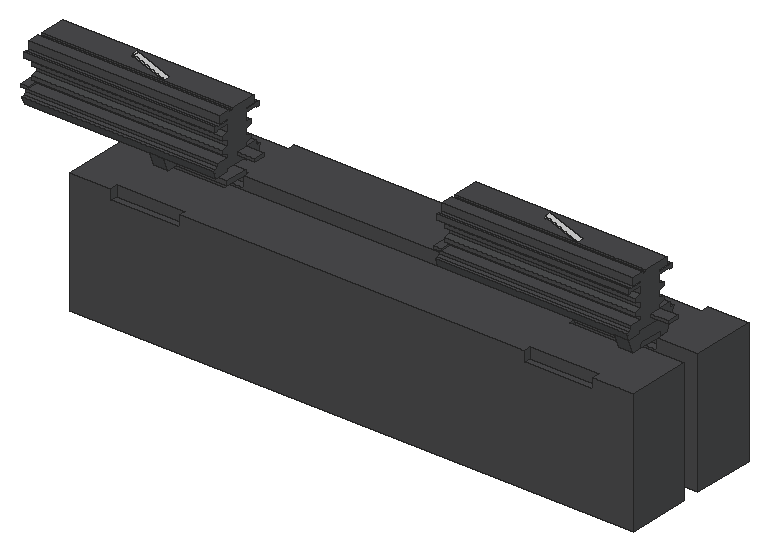
Revit family "DOT DOUBLE HEAD RAIL 328_DTM30U3.1_W3.1_N3.1", category Luminarias, Revit 2019
Family settings
  Cota de conector redondo = Diámetro de uso
  Tipo de pieza = Normal
  Se basa en plano de trabajo = Sí
  Siempre vertical = Sí
  Corte con vacíos al cargar = No
  Origen de luz = Sí
  Compartido = No
  Punto de cálculo de habitación = No
Parameters (values of type "DOT DOUBLE HEAD RAIL 328_DTM30U3.1.24")
  Ángulo de inclinación = 60.00°
  Ángulo de enfoque = 24.00°
  Ángulo de campo de foco = 24.00°
  Zone [instance] = ""
  Watt per fixture = 30
  Wattage = 30 W
  built-in parameter 1150107 = 2700 (stored number, unit not read)
  built-in parameter 1150110 = 1 (stored number, unit not read)
  built-in parameter 1150109 = 1 (stored number, unit not read)
  built-in parameter 1150112 = 1 (stored number, unit not read)
  built-in parameter 1150113 = 1 (stored number, unit not read)
  built-in parameter 1114218 = 1 (stored number, unit not read)
  Keynote = ""
  built-in parameter 1150137 = (empty or 0)
  built-in parameter 1150132 = (empty or 0)
  Modelo = "DTM30U3.1.24"
  Lámpara = "3030SMD PHILIPS"
  Light Source Symbol Length = 3048 mm
  built-in parameter 1150105 = 48402.5 (stored number, unit not read)
  built-in parameter 1150102 = (empty or 0)
  built-in parameter 1150106 = 484.03 (stored number, unit not read)
  Lumens = 4800 lm
  Color Filter = 16777215
  built-in parameter 1114217 = 1 (stored number, unit not read)
  built-in parameter 1150139 = (empty or 0)
  Fabricante = "BRILLANT"
  Default Elevation = 1219.2 mm
  built-in parameter 1150104 = 14.864 (stored number, unit not read)
  Descripción = "LUMINARIA DE DOBLE CABEZAL TIPO DOWNLIGHT EN FORMATO RECTANGULAR COMPATIBLE CON RIEL DE 6 ENTRADAS Y 3 CIRCUITOS CON CABEZAL PARA PODER DIRIGIR LA LUMINARIA HASTA 90 GRADOS, CUERPO DE ALUMINIO ACABADO EN COLOR NEGRO, IP 20, PESO 1.64Kg, TIPO DE LED 3030SMD PHILIPS CON 30W TOTAL, 2400 LUMENES, 160LM/W, IRC 90, TEMPERATURA EN BLANCO CALIDO 2700K, 50 MIL HORAS DE VIDA PROMEDIO, APERTURA DE 24 GRADOS EN STOCK, ALIMENTADO A 90-240V"
  built-in parameter 1150115 = 1 (stored number, unit not read)
  built-in parameter 1150114 = 1 (stored number, unit not read)
  Comentarios de vataje = "90-240V"
  built-in parameter 1150138 = (empty or 0)
  built-in parameter 1150134 = (empty or 0)
  Circuit [instance] = ""
  Dimming Lamp Color Temperature Shift = (empty or 0)
  Longitud de símbolo de origen de luz = 3048 mm
Types (12, lengths in mm): name | Ángulo de enfoque | Ángulo de campo de foco | built-in parameter 1150107 | Modelo | built-in parameter 1150105 | built-in parameter 1150106 | Lumens | built-in parameter 1150104 | Descripción | built-in parameter 1150134
  DOT DOUBLE HEAD RAIL 328_DTM30U3.1.24 | 24.00° | 24.00° | 2700 (stored number, unit not read) | "DTM30U3.1.24" | 48402.5 (stored number, unit not read) | 484.03 (stored number, unit not read) | 4800 lm | 14.864 (stored number, unit not read) | "LUMINARIA DE DOBLE CABEZAL TIPO DOWNLIGHT EN FORMATO RECTANGULAR COMPATIBLE CON RIEL DE 6 ENTRADAS Y 3 CIRCUITOS CON CABEZAL PARA PODER DIRIGIR LA LUMINARIA HASTA 90 GRADOS, CUERPO DE ALUMINIO ACABADO EN COLOR NEGRO, IP 20, PESO 1.64Kg, TIPO DE LED 3030SMD PHILIPS CON 30W TOTAL, 2400 LUMENES, 160LM/W, IRC 90, TEMPERATURA EN BLANCO CALIDO 2700K, 50 MIL HORAS DE VIDA PROMEDIO, APERTURA DE 24 GRADOS EN STOCK, ALIMENTADO A 90-240V" | (empty or 0)
  DOT DOUBLE HEAD RAIL 328_DTM30U3.1.15 | 15.00° | 15.00° | 2700 (stored number, unit not read) | "DTM30U3.1.15" | 123730.3 (stored number, unit not read) | 1237.3 (stored number, unit not read) | 4800 lm | 14.864 (stored number, unit not read) | "LUMINARIA DE DOBLE CABEZAL TIPO DOWNLIGHT EN FORMATO RECTANGULAR COMPATIBLE CON RIEL DE 6 ENTRADAS Y 3 CIRCUITOS CON CABEZAL PARA PODER DIRIGIR LA LUMINARIA HASTA 90 GRADOS, CUERPO DE ALUMINIO ACABADO EN COLOR NEGRO, IP 20, PESO 1.64Kg, TIPO DE LED 3030SMD PHILIPS CON 30W TOTAL, 2400 LUMENES, 160LM/W, IRC 90, TEMPERATURA EN BLANCO CALIDO 2700K, 50 MIL HORAS DE VIDA PROMEDIO, APERTURA DE 15 GRADOS POR PROYECTO, ALIMENTADO A 90-240V" | (empty or 0)
  DOT DOUBLE HEAD RAIL 328_DTM30U3.1.36 | 36.00° | 36.00° | 2700 (stored number, unit not read) | "DTM30U3.1.36" | 21576.2 (stored number, unit not read) | 215.76 (stored number, unit not read) | 4800 lm | 14.864 (stored number, unit not read) | "LUMINARIA DE DOBLE CABEZAL TIPO DOWNLIGHT EN FORMATO RECTANGULAR COMPATIBLE CON RIEL DE 6 ENTRADAS Y 3 CIRCUITOS CON CABEZAL PARA PODER DIRIGIR LA LUMINARIA HASTA 90 GRADOS, CUERPO DE ALUMINIO ACABADO EN COLOR NEGRO, IP 20, PESO 1.64Kg, TIPO DE LED 3030SMD PHILIPS CON 30W TOTAL, 2400 LUMENES, 160LM/W, IRC 90, TEMPERATURA EN BLANCO CALIDO 2700K, 50 MIL HORAS DE VIDA PROMEDIO, APERTURA DE 36 GRADOS POR PROYECTO, ALIMENTADO A 90-240V" | (empty or 0)
  DOT DOUBLE HEAD RAIL 328_DTM30U3.1.1535 | 35.00° | 15.00° | 2700 (stored number, unit not read) | "DTM30U3.1.1535" | 95016.5 (stored number, unit not read) | 950.17 (stored number, unit not read) | 4800 lm | 14.864 (stored number, unit not read) | "LUMINARIA DE DOBLE CABEZAL TIPO DOWNLIGHT EN FORMATO RECTANGULAR COMPATIBLE CON RIEL DE 6 ENTRADAS Y 3 CIRCUITOS CON CABEZAL PARA PODER DIRIGIR LA LUMINARIA HASTA 90 GRADOS, CUERPO DE ALUMINIO ACABADO EN COLOR NEGRO, IP 20, PESO 1.64Kg, TIPO DE LED 3030SMD PHILIPS CON 30W TOTAL, 2400 LUMENES, 160LM/W, IRC 90, TEMPERATURA EN BLANCO CALIDO 2700K, 50 MIL HORAS DE VIDA PROMEDIO, APERTURA ELIPTICA DE 15X35 GRADOS POR PROYECTO, ALIMENTADO A 90-240V" | (empty or 0)
  DOT DOUBLE HEAD RAIL 328_DTM30W3.1.15 | 15.00° | 15.00° | 3000 (stored number, unit not read) | "DTM30W3.1.15" | 148476.3 (stored number, unit not read) | 1484.8 (stored number, unit not read) | 5760 lm | 17.837 (stored number, unit not read) | "LUMINARIA DE DOBLE CABEZAL TIPO DOWNLIGHT EN FORMATO RECTANGULAR COMPATIBLE CON RIEL DE 6 ENTRADAS Y 3 CIRCUITOS CON CABEZAL PARA PODER DIRIGIR LA LUMINARIA HASTA 90 GRADOS, CUERPO DE ALUMINIO ACABADO EN COLOR NEGRO, IP 20, PESO 1.64Kg, TIPO DE LED 3030SMD PHILIPS CON 30W TOTAL, 2600 LUMENES, 192LM/W, IRC 90, TEMPERATURA EN BLANCO CALIDO 3000K, 50 MIL HORAS DE VIDA PROMEDIO, APERTURA DE 15 GRADOS POR PROYECTO, ALIMENTADO A 90-240V" | (empty or 0)
  DOT DOUBLE HEAD RAIL 328_DTM30W3.1.36 | 36.00° | 36.00° | 3000 (stored number, unit not read) | "DTM30W3.1.36" | 25891.4 (stored number, unit not read) | 258.91 (stored number, unit not read) | 5760 lm | 17.837 (stored number, unit not read) | "LUMINARIA DE DOBLE CABEZAL TIPO DOWNLIGHT EN FORMATO RECTANGULAR COMPATIBLE CON RIEL DE 6 ENTRADAS Y 3 CIRCUITOS CON CABEZAL PARA PODER DIRIGIR LA LUMINARIA HASTA 90 GRADOS, CUERPO DE ALUMINIO ACABADO EN COLOR NEGRO, IP 20, PESO 1.64Kg, TIPO DE LED 3030SMD PHILIPS CON 30W TOTAL, 2600 LUMENES, 192LM/W, IRC 90, TEMPERATURA EN BLANCO CALIDO 3000K, 50 MIL HORAS DE VIDA PROMEDIO, APERTURA DE 36 GRADOS POR PROYECTO, ALIMENTADO A 90-240V" | (empty or 0)
  DOT DOUBLE HEAD RAIL 328_DTM30W3.1.1535 | 35.00° | 15.00° | 3000 (stored number, unit not read) | "DTM30W3.1.1535" | 114019.9 (stored number, unit not read) | 1140.2 (stored number, unit not read) | 5760 lm | 17.837 (stored number, unit not read) | "LUMINARIA DE DOBLE CABEZAL TIPO DOWNLIGHT EN FORMATO RECTANGULAR COMPATIBLE CON RIEL DE 6 ENTRADAS Y 3 CIRCUITOS CON CABEZAL PARA PODER DIRIGIR LA LUMINARIA HASTA 90 GRADOS, CUERPO DE ALUMINIO ACABADO EN COLOR NEGRO, IP 20, PESO 1.64Kg, TIPO DE LED 3030SMD PHILIPS CON 30W TOTAL, 2600 LUMENES, 192LM/W, IRC 90, TEMPERATURA EN BLANCO CALIDO 3000K, 50 MIL HORAS DE VIDA PROMEDIO, APERTURA ELIPTICA DE 15X35 GRADOS POR PROYECTO, ALIMENTADO A 90-240V" | (empty or 0)
  DOT DOUBLE HEAD RAIL 328_DTM30W3.1.24 | 24.00° | 24.00° | 3000 (stored number, unit not read) | "DTM30W3.1.24" | 58083 (stored number, unit not read) | 580.83 (stored number, unit not read) | 5760 lm | 17.837 (stored number, unit not read) | "LUMINARIA DE DOBLE CABEZAL TIPO DOWNLIGHT EN FORMATO RECTANGULAR COMPATIBLE CON RIEL DE 6 ENTRADAS Y 3 CIRCUITOS CON CABEZAL PARA PODER DIRIGIR LA LUMINARIA HASTA 90 GRADOS, CUERPO DE ALUMINIO ACABADO EN COLOR NEGRO, IP 20, PESO 1.64Kg, TIPO DE LED 3030SMD PHILIPS CON 30W TOTAL, 2600 LUMENES, 192LM/W, IRC 90, TEMPERATURA EN BLANCO CALIDO 3000K, 50 MIL HORAS DE VIDA PROMEDIO, APERTURA DE 24 GRADOS POR STOCK, ALIMENTADO A 90-240V" | (empty or 0)
  DOT DOUBLE HEAD RAIL 328_DTM30N3.1.24 | 24.00° | 24.00° | 4000 (stored number, unit not read) | "DTM30N3.1.24" | 56267.9 (stored number, unit not read) | 562.68 (stored number, unit not read) | 5580 lm | 17.28 (stored number, unit not read) | "LUMINARIA DE DOBLE CABEZAL TIPO DOWNLIGHT EN FORMATO RECTANGULAR COMPATIBLE CON RIEL DE 6 ENTRADAS Y 3 CIRCUITOS CON CABEZAL PARA PODER DIRIGIR LA LUMINARIA HASTA 90 GRADOS, CUERPO DE ALUMINIO ACABADO EN COLOR NEGRO, IP 20, PESO 1.64Kg, TIPO DE LED 3030SMD PHILIPS CON 30W TOTAL, 2800 LUMENES, 186LM/W, IRC 90, TEMPERATURA EN BLANCO FRIO 4000K, 50 MIL HORAS DE VIDA PROMEDIO, APERTURA DE 24 GRADOS POR STOCK, ALIMENTADO A 90-240V" | 12
  DOT DOUBLE HEAD RAIL 328_DTM30N3.1.15 | 15.00° | 15.00° | 4000 (stored number, unit not read) | "DTM30N3.1.15" | 56267.9 (stored number, unit not read) | 562.68 (stored number, unit not read) | 5580 lm | 17.28 (stored number, unit not read) | "LUMINARIA DE DOBLE CABEZAL TIPO DOWNLIGHT EN FORMATO RECTANGULAR COMPATIBLE CON RIEL DE 6 ENTRADAS Y 3 CIRCUITOS CON CABEZAL PARA PODER DIRIGIR LA LUMINARIA HASTA 90 GRADOS, CUERPO DE ALUMINIO ACABADO EN COLOR NEGRO, IP 20, PESO 1.64Kg, TIPO DE LED 3030SMD PHILIPS CON 30W TOTAL, 2800 LUMENES, 186LM/W, IRC 90, TEMPERATURA EN BLANCO FRIO 4000K, 50 MIL HORAS DE VIDA PROMEDIO, APERTURA DE 15 GRADOS POR PROYECTO, ALIMENTADO A 90-240V" | 12
  DOT DOUBLE HEAD RAIL 328_DTM30N3.1.36 | 36.00° | 36.00° | 4000 (stored number, unit not read) | "DTM30N3.1.36" | 56267.9 (stored number, unit not read) | 562.68 (stored number, unit not read) | 5580 lm | 17.28 (stored number, unit not read) | "LUMINARIA DE DOBLE CABEZAL TIPO DOWNLIGHT EN FORMATO RECTANGULAR COMPATIBLE CON RIEL DE 6 ENTRADAS Y 3 CIRCUITOS CON CABEZAL PARA PODER DIRIGIR LA LUMINARIA HASTA 90 GRADOS, CUERPO DE ALUMINIO ACABADO EN COLOR NEGRO, IP 20, PESO 1.64Kg, TIPO DE LED 3030SMD PHILIPS CON 30W TOTAL, 2800 LUMENES, 186LM/W, IRC 90, TEMPERATURA EN BLANCO FRIO 4000K, 50 MIL HORAS DE VIDA PROMEDIO, APERTURA DE 36 GRADOS POR PROYECTO, ALIMENTADO A 90-240V" | 12
  DOT DOUBLE HEAD RAIL 328_DTM30N3.1.1535 | 35.00° | 15.00° | 4000 (stored number, unit not read) | "DTM30N3.1.1535" | 56267.9 (stored number, unit not read) | 562.68 (stored number, unit not read) | 5580 lm | 17.28 (stored number, unit not read) | "LUMINARIA DE DOBLE CABEZAL TIPO DOWNLIGHT EN FORMATO RECTANGULAR COMPATIBLE CON RIEL DE 6 ENTRADAS Y 3 CIRCUITOS CON CABEZAL PARA PODER DIRIGIR LA LUMINARIA HASTA 90 GRADOS, CUERPO DE ALUMINIO ACABADO EN COLOR NEGRO, IP 20, PESO 1.64Kg, TIPO DE LED 3030SMD PHILIPS CON 30W TOTAL, 2800 LUMENES, 186LM/W, IRC 90, TEMPERATURA EN BLANCO FRIO 4000K, 50 MIL HORAS DE VIDA PROMEDIO, APERTURA ELIPTICA DE 15X35 GRADOS POR PROYECTO, ALIMENTADO A 90-240V" | 12
Reference planes
  plane 1 "Centro (Frontal/Posterior)": y = 0
  plane 2: z = 0
  plane 3 "Centro (Izquierda/Derecha)": x = 0
Forms (mm)
  Extrusion 1, solid, material "Default Form", not visible
    sketch origin (-55.628, 0, 7.5) x (0, 1, 0) y (0, 0, 1)
      loop
        line (-7.273, 1.74) -> (7.273, 1.74) -> (7.273, 0) -> (15.231, 0) -> (17.006, 4.494) -> (15.021, 4.494) -> (14.058, 5.868) -> (14.058, 7.166) -> (6.473, 7.166) -> (6.473, 9.324) -> (10.169, 10.163) -> (10.169, 12.464) -> (6.473, 13.302) -> (6.473, 16.66) -> (10.169, 17.499) -> (10.169, 19.8) -> (6.473, 20.638) -> (6.473, 25.016) -> (13.839, 25.016) -> (14.514, 24.341) -> (15.775, 24.341) -> (15.775, 27.171) -> (14.73, 27.171) -> (14.058, 26.499) -> (6.473, 26.499) -> (6.473, 27.299) -> (12.377, 27.299) -> (12.377, 31.471) -> (-2.744, 31.471) -> (-2.744, 30.671) -> (-5.514, 30.671) -> (-5.514, 31.471) -> (-12.377, 31.471) -> (-12.377, 27.299) -> (-6.473, 27.299) -> (-6.473, 26.499) -> (-14.058, 26.499) -> (-14.73, 27.171) -> (-15.775, 27.171) -> (-15.775, 24.341) -> (-14.514, 24.341) -> (-13.839, 25.016) -> (-6.473, 25.016) -> (-6.473, 20.638) -> (-10.169, 19.8) -> (-10.169, 17.499) -> (-6.473, 16.66) -> (-6.473, 13.302) -> (-10.169, 12.464) -> (-10.169, 10.163) -> (-6.473, 9.324) -> (-6.473, 7.166) -> (-14.058, 7.166) -> (-14.058, 5.868) -> (-15.021, 4.494) -> (-17.006, 4.494) -> (-15.231, 0) -> (-7.273, 0) -> (-7.273, 1.74)
    from 0 to 111.256
  Extrusion 2, solid, material "Default Form", not visible
    sketch origin (0, 0, 0) x (1, 0, 0) y (0, 1, 0)
      loop
        line (-19.12, 6.873) -> (-19.12, -6.873) -> (19.12, -6.873) -> (19.12, 6.873) -> (-19.12, 6.873)
    from 0 to 2.67
  Extrusion 3, solid, material "Default Form", not visible
    sketch origin (0, 0, 0) x (1, 0, 0) y (0, 1, 0)
      loop
        line (-10.93, 3.188) -> (-10.93, -3.188) -> (10.93, -3.188) -> (10.93, 3.188) -> (-10.93, 3.188)
    from 2.67 to 7.5
  Extrusion 4, solid, material "Acero Inoxidable", not visible
    sketch origin (0, -1.594, 0) x (1, 0, 0) y (0, 0, -1)
      loop
        line (-15, -38.971) -> (3.794, -45.811) -> (4.341, -44.308) -> (3.589, -44.034) -> (3.316, -44.786) -> (-12.661, -38.971) -> (-15, -38.971)
    from 0 to 3.188
  Extrusion 5, solid, material "Default Form", not visible
    sketch origin (-55.628, 0, 7.5) x (0, 1, 0) y (0, 0, 1)
      loop
        line (-7.273, 1.74) -> (7.273, 1.74) -> (7.273, 0) -> (15.231, 0) -> (17.006, 4.494) -> (15.021, 4.494) -> (14.058, 5.868) -> (14.058, 7.166) -> (6.473, 7.166) -> (6.473, 9.324) -> (10.169, 10.163) -> (10.169, 12.464) -> (6.473, 13.302) -> (6.473, 16.66) -> (10.169, 17.499) -> (10.169, 19.8) -> (6.473, 20.638) -> (6.473, 25.016) -> (13.839, 25.016) -> (14.514, 24.341) -> (15.775, 24.341) -> (15.775, 27.171) -> (14.73, 27.171) -> (14.058, 26.499) -> (6.473, 26.499) -> (6.473, 27.299) -> (12.377, 27.299) -> (12.377, 31.471) -> (-2.744, 31.471) -> (-2.744, 30.671) -> (-5.514, 30.671) -> (-5.514, 31.471) -> (-12.377, 31.471) -> (-12.377, 27.299) -> (-6.473, 27.299) -> (-6.473, 26.499) -> (-14.058, 26.499) -> (-14.73, 27.171) -> (-15.775, 27.171) -> (-15.775, 24.341) -> (-14.514, 24.341) -> (-13.839, 25.016) -> (-6.473, 25.016) -> (-6.473, 20.638) -> (-10.169, 19.8) -> (-10.169, 17.499) -> (-6.473, 16.66) -> (-6.473, 13.302) -> (-10.169, 12.464) -> (-10.169, 10.163) -> (-6.473, 9.324) -> (-6.473, 7.166) -> (-14.058, 7.166) -> (-14.058, 5.868) -> (-15.021, 4.494) -> (-17.006, 4.494) -> (-15.231, 0) -> (-7.273, 0) -> (-7.273, 1.74)
    from 0 to 111.256
  Extrusion 6, solid, material "Default Form", not visible
    sketch origin (0, 0, 0) x (1, 0, 0) y (0, 1, 0)
      loop
        line (-19.12, 6.873) -> (-19.12, -6.873) -> (19.12, -6.873) -> (19.12, 6.873) -> (-19.12, 6.873)
    from 0 to 2.67
  Extrusion 7, solid, material "Default Form", not visible
    sketch origin (0, 0, 0) x (1, 0, 0) y (0, 1, 0)
      loop
        line (-10.93, 3.188) -> (-10.93, -3.188) -> (10.93, -3.188) -> (10.93, 3.188) -> (-10.93, 3.188)
    from 2.67 to 7.5
  Extrusion 8, solid, material "Acero Inoxidable", not visible
    sketch origin (0, -1.594, 0) x (1, 0, 0) y (0, 0, -1)
      loop
        line (-15, -38.971) -> (3.794, -45.811) -> (4.341, -44.308) -> (3.589, -44.034) -> (3.316, -44.786) -> (-12.661, -38.971) -> (-15, -38.971)
    from 0 to 3.188
  Extrusion 9, solid, material "Default Form", not visible
    sketch origin (0, 0, 0) x (1, 0, 0) y (0, 1, 0)
      loop
        line (-55.628, 6.473) -> (-66.331, 6.473) -> (-66.331, 0) -> (-55.628, 0) -> (-55.628, 6.473)
      loop
        line (55.628, 12.377) -> (55.628, -12.149) -> (60.628, -12.149) -> (60.628, 12.377) -> (55.628, 12.377)
    from 13.368 to 15
  Extrusion 10, solid, material "Default Form"
    sketch origin (-100.42, 0, 7.5) x (0, 1, 0) y (0, 0, -1)
      loop
        line (-7.273, -1.74) -> (-7.273, 0) -> (-15.231, 0) -> (-17.006, -4.494) -> (-15.021, -4.494) -> (-14.058, -5.868) -> (-14.058, -7.166) -> (-6.473, -7.166) -> (-6.473, -9.324) -> (-10.169, -10.163) -> (-10.169, -12.464) -> (-6.473, -13.302) -> (-6.473, -16.66) -> (-10.169, -17.499) -> (-10.169, -19.8) -> (-6.473, -20.638) -> (-6.473, -25.016) -> (-13.839, -25.016) -> (-14.514, -24.341) -> (-15.775, -24.341) -> (-15.775, -27.171) -> (-14.73, -27.171) -> (-14.058, -26.499) -> (-6.473, -26.499) -> (-6.473, -27.299) -> (-12.377, -27.299) -> (-12.377, -31.471) -> (-5.514, -31.471) -> (-5.514, -30.671) -> (-2.744, -30.671) -> (-2.744, -31.471) -> (12.377, -31.471) -> (12.377, -27.299) -> (6.473, -27.299) -> (6.473, -26.499) -> (14.058, -26.499) -> (14.73, -27.171) -> (15.775, -27.171) -> (15.775, -24.341) -> (14.514, -24.341) -> (13.839, -25.016) -> (6.473, -25.016) -> (6.473, -20.638) -> (10.169, -19.8) -> (10.169, -17.499) -> (6.473, -16.66) -> (6.473, -13.302) -> (10.169, -12.464) -> (10.169, -10.163) -> (6.473, -9.324) -> (6.473, -7.166) -> (14.058, -7.166) -> (14.058, -5.868) -> (15.021, -4.494) -> (17.006, -4.494) -> (15.231, 0) -> (7.273, 0) -> (7.273, -1.74) -> (-7.273, -1.74)
    from 0 to 111.256
  Extrusion 11, solid, material "Default Form"
    sketch origin (-119.54, 0, 0) x (-1, 0, 0) y (0, -1, 0)
      loop
        line (-19.12, -6.873) -> (19.12, -6.873) -> (19.12, 6.873) -> (-19.12, 6.873) -> (-19.12, -6.873)
    from 0 to 2.67
  Extrusion 12, solid, material "Default Form"
    sketch origin (-119.54, 0, 0) x (-1, 0, 0) y (0, -1, 0)
      loop
        line (-10.93, -3.188) -> (10.93, -3.188) -> (10.93, 3.188) -> (-10.93, 3.188) -> (-10.93, -3.188)
    from 2.67 to 7.5
  Extrusion 13, solid, material "Acero Inoxidable"
    sketch origin (-156.048, -1.594, 0) x (-1, 0, 0) y (0, 0, 1)
      loop
        line (-15, 38.971) -> (-12.661, 38.971) -> (3.316, 44.786) -> (3.589, 44.034) -> (4.341, 44.308) -> (3.794, 45.811) -> (-15, 38.971)
    from 0 to 3.188
  Extrusion 14, solid, material "Default Form"
    sketch origin (-156.048, 0, 0) x (-1, 0, 0) y (0, -1, 0)
      loop
        line (-55.628, -6.473) -> (-55.628, 0) -> (-66.331, 0) -> (-66.331, -6.473) -> (-55.628, -6.473)
      loop
        line (55.628, -12.377) -> (60.628, -12.377) -> (60.628, 12.149) -> (55.628, 12.149) -> (55.628, -12.377)
    from 13.368 to 15
  Extrusion 15, solid, material "Default Form"
    sketch origin (0, 23.326, 0) x (1, 0, 0) y (0, 0, -1)
      loop
        line (-164, 0) -> (164, 0) -> (164, 72) -> (-164, 72) -> (-164, 0)
    from -18.326 to 18.326
  Blend 16, void
    base sketch origin (0, 23.326, 0) x (1, 0, 0) y (0, 1, 0)
      loop
        line (-162, -16.149) -> (-144.14, -16.149) -> (-144.14, 16.149) -> (-162, 16.149) -> (-162, -16.149)
    top sketch origin (0, 23.326, 0) x (1, 0, 0) y (0, 1, 0)
      loop
        line (-160, -12.149) -> (-146.14, -12.149) -> (-146.14, 12.149) -> (-160, 12.149) -> (-160, -12.149)
    from -72 to -61.591
  Blend 17, void
    base sketch origin (21.86, 23.326, 0) x (1, 0, 0) y (0, 1, 0)
      loop
        line (-162, -16.149) -> (-144.14, -16.149) -> (-144.14, 16.149) -> (-162, 16.149) -> (-162, -16.149)
    top sketch origin (21.86, 23.326, 0) x (1, 0, 0) y (0, 1, 0)
      loop
        line (-160, -12.149) -> (-146.14, -12.149) -> (-146.14, 12.149) -> (-160, 12.149) -> (-160, -12.149)
    from -72 to -61.591
  Blend 18, void
    base sketch origin (43.72, 23.326, 0) x (1, 0, 0) y (0, 1, 0)
      loop
        line (-162, -16.149) -> (-144.14, -16.149) -> (-144.14, 16.149) -> (-162, 16.149) -> (-162, -16.149)
    top sketch origin (43.72, 23.326, 0) x (1, 0, 0) y (0, 1, 0)
      loop
        line (-160, -12.149) -> (-146.14, -12.149) -> (-146.14, 12.149) -> (-160, 12.149) -> (-160, -12.149)
    from -72 to -61.591
  Blend 19, void
    base sketch origin (65.58, 23.326, 0) x (1, 0, 0) y (0, 1, 0)
      loop
        line (-162, -16.149) -> (-144.14, -16.149) -> (-144.14, 16.149) -> (-162, 16.149) -> (-162, -16.149)
    top sketch origin (65.58, 23.326, 0) x (1, 0, 0) y (0, 1, 0)
      loop
        line (-160, -12.149) -> (-146.14, -12.149) -> (-146.14, 12.149) -> (-160, 12.149) -> (-160, -12.149)
    from -72 to -61.591
  Blend 20, void
    base sketch origin (87.44, 23.326, 0) x (1, 0, 0) y (0, 1, 0)
      loop
        line (-162, -16.149) -> (-144.14, -16.149) -> (-144.14, 16.149) -> (-162, 16.149) -> (-162, -16.149)
    top sketch origin (87.44, 23.326, 0) x (1, 0, 0) y (0, 1, 0)
      loop
        line (-160, -12.149) -> (-146.14, -12.149) -> (-146.14, 12.149) -> (-160, 12.149) -> (-160, -12.149)
    from -72 to -61.591
  Blend 21, void
    base sketch origin (109.3, 23.326, 0) x (1, 0, 0) y (0, 1, 0)
      loop
        line (-162, -16.149) -> (-144.14, -16.149) -> (-144.14, 16.149) -> (-162, 16.149) -> (-162, -16.149)
    top sketch origin (109.3, 23.326, 0) x (1, 0, 0) y (0, 1, 0)
      loop
        line (-160, -12.149) -> (-146.14, -12.149) -> (-146.14, 12.149) -> (-160, 12.149) -> (-160, -12.149)
    from -72 to -61.591
  Blend 22, void
    base sketch origin (131.16, 23.326, 0) x (1, 0, 0) y (0, 1, 0)
      loop
        line (-162, -16.149) -> (-144.14, -16.149) -> (-144.14, 16.149) -> (-162, 16.149) -> (-162, -16.149)
    top sketch origin (131.16, 23.326, 0) x (1, 0, 0) y (0, 1, 0)
      loop
        line (-160, -12.149) -> (-146.14, -12.149) -> (-146.14, 12.149) -> (-160, 12.149) -> (-160, -12.149)
    from -72 to -61.591
  Blend 23, void
    base sketch origin (153.02, 23.326, 0) x (1, 0, 0) y (0, 1, 0)
      loop
        line (-162, -16.149) -> (-144.14, -16.149) -> (-144.14, 16.149) -> (-162, 16.149) -> (-162, -16.149)
    top sketch origin (153.02, 23.326, 0) x (1, 0, 0) y (0, 1, 0)
      loop
        line (-160, -12.149) -> (-146.14, -12.149) -> (-146.14, 12.149) -> (-160, 12.149) -> (-160, -12.149)
    from -72 to -61.591
  Blend 24, void
    base sketch origin (174.88, 23.326, 0) x (1, 0, 0) y (0, 1, 0)
      loop
        line (-162, -16.149) -> (-144.14, -16.149) -> (-144.14, 16.149) -> (-162, 16.149) -> (-162, -16.149)
    top sketch origin (174.88, 23.326, 0) x (1, 0, 0) y (0, 1, 0)
      loop
        line (-160, -12.149) -> (-146.14, -12.149) -> (-146.14, 12.149) -> (-160, 12.149) -> (-160, -12.149)
    from -72 to -61.591
  Blend 25, void
    base sketch origin (196.74, 23.326, 0) x (1, 0, 0) y (0, 1, 0)
      loop
        line (-162, -16.149) -> (-144.14, -16.149) -> (-144.14, 16.149) -> (-162, 16.149) -> (-162, -16.149)
    top sketch origin (196.74, 23.326, 0) x (1, 0, 0) y (0, 1, 0)
      loop
        line (-160, -12.149) -> (-146.14, -12.149) -> (-146.14, 12.149) -> (-160, 12.149) -> (-160, -12.149)
    from -72 to -61.591
  Blend 26, void
    base sketch origin (218.6, 23.326, 0) x (1, 0, 0) y (0, 1, 0)
      loop
        line (-162, -16.149) -> (-144.14, -16.149) -> (-144.14, 16.149) -> (-162, 16.149) -> (-162, -16.149)
    top sketch origin (218.6, 23.326, 0) x (1, 0, 0) y (0, 1, 0)
      loop
        line (-160, -12.149) -> (-146.14, -12.149) -> (-146.14, 12.149) -> (-160, 12.149) -> (-160, -12.149)
    from -72 to -61.591
  Blend 27, void
    base sketch origin (240.46, 23.326, 0) x (1, 0, 0) y (0, 1, 0)
      loop
        line (-162, -16.149) -> (-144.14, -16.149) -> (-144.14, 16.149) -> (-162, 16.149) -> (-162, -16.149)
    top sketch origin (240.46, 23.326, 0) x (1, 0, 0) y (0, 1, 0)
      loop
        line (-160, -12.149) -> (-146.14, -12.149) -> (-146.14, 12.149) -> (-160, 12.149) -> (-160, -12.149)
    from -72 to -61.591
  Blend 28, void
    base sketch origin (262.32, 23.326, 0) x (1, 0, 0) y (0, 1, 0)
      loop
        line (-162, -16.149) -> (-144.14, -16.149) -> (-144.14, 16.149) -> (-162, 16.149) -> (-162, -16.149)
    top sketch origin (262.32, 23.326, 0) x (1, 0, 0) y (0, 1, 0)
      loop
        line (-160, -12.149) -> (-146.14, -12.149) -> (-146.14, 12.149) -> (-160, 12.149) -> (-160, -12.149)
    from -72 to -61.591
  Blend 29, void
    base sketch origin (284.18, 23.326, 0) x (1, 0, 0) y (0, 1, 0)
      loop
        line (-162, -16.149) -> (-144.14, -16.149) -> (-144.14, 16.149) -> (-162, 16.149) -> (-162, -16.149)
    top sketch origin (284.18, 23.326, 0) x (1, 0, 0) y (0, 1, 0)
      loop
        line (-160, -12.149) -> (-146.14, -12.149) -> (-146.14, 12.149) -> (-160, 12.149) -> (-160, -12.149)
    from -72 to -61.591
  Blend 30, void
    base sketch origin (306.04, 23.326, 0) x (1, 0, 0) y (0, 1, 0)
      loop
        line (-162, -16.149) -> (-144.14, -16.149) -> (-144.14, 16.149) -> (-162, 16.149) -> (-162, -16.149)
    top sketch origin (306.04, 23.326, 0) x (1, 0, 0) y (0, 1, 0)
      loop
        line (-160, -12.149) -> (-146.14, -12.149) -> (-146.14, 12.149) -> (-160, 12.149) -> (-160, -12.149)
    from -72 to -61.591
  Extrusion 31, void
    sketch origin (0, 23.326, 0) x (1, 0, 0) y (0, 1, 0)
      loop
        line (-140.14, -18.326) -> (-100.42, -18.326) -> (-100.42, -14.276) -> (-140.14, -14.276) -> (-140.14, -18.326)
      loop
        line (-140.14, 18.326) -> (-140.14, 14.276) -> (-100.42, 14.276) -> (-100.42, 18.326) -> (-140.14, 18.326)
      loop
        line (140.14, 18.326) -> (100.42, 18.326) -> (100.42, 14.276) -> (140.14, 14.276) -> (140.14, 18.326)
      loop
        line (140.14, -18.326) -> (140.14, -14.276) -> (100.42, -14.276) -> (100.42, -18.326) -> (140.14, -18.326)
    from -6.015 to 0
  Extrusion 32, solid, material "Default Form"
    sketch origin (0, -23.326, 0) x (1, 0, 0) y (0, 0, 1)
      loop
        line (-164, 0) -> (-164, -72) -> (164, -72) -> (164, 0) -> (-164, 0)
    from -18.326 to 18.326
  Blend 33, void
    base sketch origin (0, -23.326, 0) x (1, 0, 0) y (0, 1, 0)
      loop
        line (-162, 16.149) -> (-162, -16.149) -> (-144.14, -16.149) -> (-144.14, 16.149) -> (-162, 16.149)
    top sketch origin (0, -23.326, 0) x (1, 0, 0) y (0, 1, 0)
      loop
        line (-160, 12.149) -> (-160, -12.149) -> (-146.14, -12.149) -> (-146.14, 12.149) -> (-160, 12.149)
    from -72 to -61.591
  Blend 34, void
    base sketch origin (21.86, -23.326, 0) x (1, 0, 0) y (0, 1, 0)
      loop
        line (-162, 16.149) -> (-162, -16.149) -> (-144.14, -16.149) -> (-144.14, 16.149) -> (-162, 16.149)
    top sketch origin (21.86, -23.326, 0) x (1, 0, 0) y (0, 1, 0)
      loop
        line (-160, 12.149) -> (-160, -12.149) -> (-146.14, -12.149) -> (-146.14, 12.149) -> (-160, 12.149)
    from -72 to -61.591
  Blend 35, void
    base sketch origin (43.72, -23.326, 0) x (1, 0, 0) y (0, 1, 0)
      loop
        line (-162, 16.149) -> (-162, -16.149) -> (-144.14, -16.149) -> (-144.14, 16.149) -> (-162, 16.149)
    top sketch origin (43.72, -23.326, 0) x (1, 0, 0) y (0, 1, 0)
      loop
        line (-160, 12.149) -> (-160, -12.149) -> (-146.14, -12.149) -> (-146.14, 12.149) -> (-160, 12.149)
    from -72 to -61.591
  Blend 36, void
    base sketch origin (65.58, -23.326, 0) x (1, 0, 0) y (0, 1, 0)
      loop
        line (-162, 16.149) -> (-162, -16.149) -> (-144.14, -16.149) -> (-144.14, 16.149) -> (-162, 16.149)
    top sketch origin (65.58, -23.326, 0) x (1, 0, 0) y (0, 1, 0)
      loop
        line (-160, 12.149) -> (-160, -12.149) -> (-146.14, -12.149) -> (-146.14, 12.149) -> (-160, 12.149)
    from -72 to -61.591
  Blend 37, void
    base sketch origin (87.44, -23.326, 0) x (1, 0, 0) y (0, 1, 0)
      loop
        line (-162, 16.149) -> (-162, -16.149) -> (-144.14, -16.149) -> (-144.14, 16.149) -> (-162, 16.149)
    top sketch origin (87.44, -23.326, 0) x (1, 0, 0) y (0, 1, 0)
      loop
        line (-160, 12.149) -> (-160, -12.149) -> (-146.14, -12.149) -> (-146.14, 12.149) -> (-160, 12.149)
    from -72 to -61.591
  Blend 38, void
    base sketch origin (109.3, -23.326, 0) x (1, 0, 0) y (0, 1, 0)
      loop
        line (-162, 16.149) -> (-162, -16.149) -> (-144.14, -16.149) -> (-144.14, 16.149) -> (-162, 16.149)
    top sketch origin (109.3, -23.326, 0) x (1, 0, 0) y (0, 1, 0)
      loop
        line (-160, 12.149) -> (-160, -12.149) -> (-146.14, -12.149) -> (-146.14, 12.149) -> (-160, 12.149)
    from -72 to -61.591
  Blend 39, void
    base sketch origin (131.16, -23.326, 0) x (1, 0, 0) y (0, 1, 0)
      loop
        line (-162, 16.149) -> (-162, -16.149) -> (-144.14, -16.149) -> (-144.14, 16.149) -> (-162, 16.149)
    top sketch origin (131.16, -23.326, 0) x (1, 0, 0) y (0, 1, 0)
      loop
        line (-160, 12.149) -> (-160, -12.149) -> (-146.14, -12.149) -> (-146.14, 12.149) -> (-160, 12.149)
    from -72 to -61.591
  Blend 40, void
    base sketch origin (153.02, -23.326, 0) x (1, 0, 0) y (0, 1, 0)
      loop
        line (-162, 16.149) -> (-162, -16.149) -> (-144.14, -16.149) -> (-144.14, 16.149) -> (-162, 16.149)
    top sketch origin (153.02, -23.326, 0) x (1, 0, 0) y (0, 1, 0)
      loop
        line (-160, 12.149) -> (-160, -12.149) -> (-146.14, -12.149) -> (-146.14, 12.149) -> (-160, 12.149)
    from -72 to -61.591
  Blend 41, void
    base sketch origin (174.88, -23.326, 0) x (1, 0, 0) y (0, 1, 0)
      loop
        line (-162, 16.149) -> (-162, -16.149) -> (-144.14, -16.149) -> (-144.14, 16.149) -> (-162, 16.149)
    top sketch origin (174.88, -23.326, 0) x (1, 0, 0) y (0, 1, 0)
      loop
        line (-160, 12.149) -> (-160, -12.149) -> (-146.14, -12.149) -> (-146.14, 12.149) -> (-160, 12.149)
    from -72 to -61.591
  Blend 42, void
    base sketch origin (196.74, -23.326, 0) x (1, 0, 0) y (0, 1, 0)
      loop
        line (-162, 16.149) -> (-162, -16.149) -> (-144.14, -16.149) -> (-144.14, 16.149) -> (-162, 16.149)
    top sketch origin (196.74, -23.326, 0) x (1, 0, 0) y (0, 1, 0)
      loop
        line (-160, 12.149) -> (-160, -12.149) -> (-146.14, -12.149) -> (-146.14, 12.149) -> (-160, 12.149)
    from -72 to -61.591
  Blend 43, void
    base sketch origin (218.6, -23.326, 0) x (1, 0, 0) y (0, 1, 0)
      loop
        line (-162, 16.149) -> (-162, -16.149) -> (-144.14, -16.149) -> (-144.14, 16.149) -> (-162, 16.149)
    top sketch origin (218.6, -23.326, 0) x (1, 0, 0) y (0, 1, 0)
      loop
        line (-160, 12.149) -> (-160, -12.149) -> (-146.14, -12.149) -> (-146.14, 12.149) -> (-160, 12.149)
    from -72 to -61.591
  Blend 44, void
    base sketch origin (240.46, -23.326, 0) x (1, 0, 0) y (0, 1, 0)
      loop
        line (-162, 16.149) -> (-162, -16.149) -> (-144.14, -16.149) -> (-144.14, 16.149) -> (-162, 16.149)
    top sketch origin (240.46, -23.326, 0) x (1, 0, 0) y (0, 1, 0)
      loop
        line (-160, 12.149) -> (-160, -12.149) -> (-146.14, -12.149) -> (-146.14, 12.149) -> (-160, 12.149)
    from -72 to -61.591
  Blend 45, void
    base sketch origin (262.32, -23.326, 0) x (1, 0, 0) y (0, 1, 0)
      loop
        line (-162, 16.149) -> (-162, -16.149) -> (-144.14, -16.149) -> (-144.14, 16.149) -> (-162, 16.149)
    top sketch origin (262.32, -23.326, 0) x (1, 0, 0) y (0, 1, 0)
      loop
        line (-160, 12.149) -> (-160, -12.149) -> (-146.14, -12.149) -> (-146.14, 12.149) -> (-160, 12.149)
    from -72 to -61.591
  Blend 46, void
    base sketch origin (284.18, -23.326, 0) x (1, 0, 0) y (0, 1, 0)
      loop
        line (-162, 16.149) -> (-162, -16.149) -> (-144.14, -16.149) -> (-144.14, 16.149) -> (-162, 16.149)
    top sketch origin (284.18, -23.326, 0) x (1, 0, 0) y (0, 1, 0)
      loop
        line (-160, 12.149) -> (-160, -12.149) -> (-146.14, -12.149) -> (-146.14, 12.149) -> (-160, 12.149)
    from -72 to -61.591
  Blend 47, void
    base sketch origin (306.04, -23.326, 0) x (1, 0, 0) y (0, 1, 0)
      loop
        line (-162, 16.149) -> (-162, -16.149) -> (-144.14, -16.149) -> (-144.14, 16.149) -> (-162, 16.149)
    top sketch origin (306.04, -23.326, 0) x (1, 0, 0) y (0, 1, 0)
      loop
        line (-160, 12.149) -> (-160, -12.149) -> (-146.14, -12.149) -> (-146.14, 12.149) -> (-160, 12.149)
    from -72 to -61.591
  Extrusion 48, void
    sketch origin (0, -23.326, 0) x (1, 0, 0) y (0, 1, 0)
      loop
        line (-140.14, 18.326) -> (-140.14, 14.276) -> (-100.42, 14.276) -> (-100.42, 18.326) -> (-140.14, 18.326)
      loop
        line (-140.14, -18.326) -> (-100.42, -18.326) -> (-100.42, -14.276) -> (-140.14, -14.276) -> (-140.14, -18.326)
      loop
        line (140.14, -18.326) -> (140.14, -14.276) -> (100.42, -14.276) -> (100.42, -18.326) -> (140.14, -18.326)
      loop
        line (140.14, 18.326) -> (100.42, 18.326) -> (100.42, 14.276) -> (140.14, 14.276) -> (140.14, 18.326)
    from -6.015 to 0
  Extrusion 49, solid, material "Default Form"
    sketch origin (140.14, 0, 7.5) x (0, 1, 0) y (0, 0, -1)
      loop
        line (-7.273, -1.74) -> (-7.273, 0) -> (-15.231, 0) -> (-17.006, -4.494) -> (-15.021, -4.494) -> (-14.058, -5.868) -> (-14.058, -7.166) -> (-6.473, -7.166) -> (-6.473, -9.324) -> (-10.169, -10.163) -> (-10.169, -12.464) -> (-6.473, -13.302) -> (-6.473, -16.66) -> (-10.169, -17.499) -> (-10.169, -19.8) -> (-6.473, -20.638) -> (-6.473, -25.016) -> (-13.839, -25.016) -> (-14.514, -24.341) -> (-15.775, -24.341) -> (-15.775, -27.171) -> (-14.73, -27.171) -> (-14.058, -26.499) -> (-6.473, -26.499) -> (-6.473, -27.299) -> (-12.377, -27.299) -> (-12.377, -31.471) -> (-5.514, -31.471) -> (-5.514, -30.671) -> (-2.744, -30.671) -> (-2.744, -31.471) -> (12.377, -31.471) -> (12.377, -27.299) -> (6.473, -27.299) -> (6.473, -26.499) -> (14.058, -26.499) -> (14.73, -27.171) -> (15.775, -27.171) -> (15.775, -24.341) -> (14.514, -24.341) -> (13.839, -25.016) -> (6.473, -25.016) -> (6.473, -20.638) -> (10.169, -19.8) -> (10.169, -17.499) -> (6.473, -16.66) -> (6.473, -13.302) -> (10.169, -12.464) -> (10.169, -10.163) -> (6.473, -9.324) -> (6.473, -7.166) -> (14.058, -7.166) -> (14.058, -5.868) -> (15.021, -4.494) -> (17.006, -4.494) -> (15.231, 0) -> (7.273, 0) -> (7.273, -1.74) -> (-7.273, -1.74)
    from 0 to 111.256
  Extrusion 50, solid, material "Default Form"
    sketch origin (121.02, 0, 0) x (-1, 0, 0) y (0, -1, 0)
      loop
        line (-19.12, -6.873) -> (19.12, -6.873) -> (19.12, 6.873) -> (-19.12, 6.873) -> (-19.12, -6.873)
    from 0 to 2.67
  Extrusion 51, solid, material "Default Form"
    sketch origin (121.02, 0, 0) x (-1, 0, 0) y (0, -1, 0)
      loop
        line (-10.93, -3.188) -> (10.93, -3.188) -> (10.93, 3.188) -> (-10.93, 3.188) -> (-10.93, -3.188)
    from 2.67 to 7.5
  Extrusion 52, solid, material "Acero Inoxidable"
    sketch origin (84.512, -1.594, 0) x (-1, 0, 0) y (0, 0, 1)
      loop
        line (-15, 38.971) -> (-12.661, 38.971) -> (3.316, 44.786) -> (3.589, 44.034) -> (4.341, 44.308) -> (3.794, 45.811) -> (-15, 38.971)
    from 0 to 3.188
  Extrusion 53, solid, material "Default Form"
    sketch origin (84.512, 0, 0) x (-1, 0, 0) y (0, -1, 0)
      loop
        line (-55.628, -6.473) -> (-55.628, 0) -> (-66.331, 0) -> (-66.331, -6.473) -> (-55.628, -6.473)
      loop
        line (55.628, -12.377) -> (60.628, -12.377) -> (60.628, 12.149) -> (55.628, 12.149) -> (55.628, -12.377)
    from 13.368 to 15
  Extrusion 54, solid, material "Default Form"
    sketch origin (0, 0, 0) x (0, 1, 0) y (0, 0, 1)
      loop
        line (15.231, 7.5) -> (7.273, 7.5) -> (7.273, 9.24) -> (-7.273, 9.24) -> (-7.273, 7.5) -> (-15.231, 7.5) -> (-12.269, 0) -> (12.269, 0) -> (15.231, 7.5)
    from 131.95 to 140.14
  Extrusion 55, solid, material "Default Form"
    sketch origin (1.479, 0, 0) x (0, 1, 0) y (0, 0, -1)
      loop
        line (15.231, -7.5) -> (12.269, 0) -> (-12.269, 0) -> (-15.231, -7.5) -> (-7.273, -7.5) -> (-7.273, -9.24) -> (7.273, -9.24) -> (7.273, -7.5) -> (15.231, -7.5)
    from 131.95 to 140.14
Cuts and joins
  Blend 16, Blend 17, Blend 18, Blend 19, Blend 20, Blend 21, Blend 22, Blend 23, Blend 24, Blend 25, Blend 26, Blend 27, Blend 28, Blend 29, Blend 30, Extrusion 31, Blend 33, Blend 34, Blend 35, Blend 36, Blend 37, Blend 38, Blend 39, Blend 40, Blend 41, Blend 42, Blend 43, Blend 44, Blend 45, Blend 46, Blend 47, Extrusion 48 cuts Extrusion 15
  Blend 33, Blend 34, Blend 35, Blend 36, Blend 37, Blend 38, Blend 39, Blend 40, Blend 41, Blend 42, Blend 43, Blend 44, Blend 45, Blend 46, Blend 47, Extrusion 48 cuts Extrusion 32
Dimensions and locks
  Extrusion 15 to Extrusion 15 = 36.651 mm
  Extrusion 32 to Extrusion 32 = 36.651 mm
  aligned and locked: level to plane 2
  aligned and locked: Extrusion 10 to Extrusion 12
  aligned and locked: Extrusion 11 to Extrusion 12
  aligned and locked: Extrusion 49 to Extrusion 51
  aligned and locked: Extrusion 50 to Extrusion 51
  aligned and locked: Extrusion 31 to Extrusion 54
  aligned and locked: Extrusion 55 to Extrusion 11
  aligned and locked: Extrusion 55 to Extrusion 12
  aligned and locked: Extrusion 54 to Extrusion 51
Connectors
  electrical at (0, -23.326, 0)
    settings: on cut or joined group of Extrusion 32, Blend 33, Blend 34, Blend 35, Blend 36, Blend 37, Blend 38, Blend 39, Blend 40, Blend 41, Blend 42, Blend 43, Blend 44, Blend 45, Blend 46, Blend 47, Extrusion 48, index 1, voltage 240 V, apparent load 0 VA, apparent load phase1 0 VA, apparent load phase2 0 VA, apparent load phase3 0 VA, power factor 1, load classification "Otro", number of poles 1, system type 31, power factor state 1, is connector primary yes, connector utility no, sub classification motor no, connector description ""
